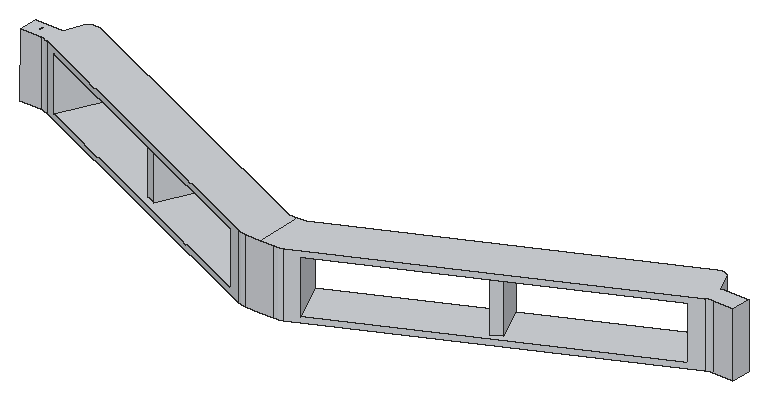
Revit family
Parameters (values of type "TEXT")
  Material ID = "760152785"
  Description = "SYSTIMAX 360 GigaSPEED X10D and GigaSPEED XL Evolve Angled 1U U/UTP Panel Kit"
Reference planes (in)
  plane 1 "Center (Front/Back)": y = 0
  plane 2: z = 0
  plane 3 "Center (Left/Right)": x = 0
  plane 4: x = 0
Forms (in)
  Extrusion 1, solid
    sketch origin (0, 0, 0) x (1, 0, 0) y (0, 0, 1)
      loop
        line (0, 1.72) -> (-9.5, 1.72) -> (-9.5, 0) -> (0, 0) -> (9.5, 0) -> (9.5, 1.72) -> (0, 1.72)
    from 0 to 5
  Extrusion 2, void
    sketch origin (0, 0, 0) x (1, 0, 0) y (0, 1, 0)
      loop
        line (0, -3.75) -> (0.22211, -3.75) -> (8.20539, -0.02733)
        arc (8.20539, -0.02733) -> (8.4054, -0.01671) -> (8.56751, -0.13432) r 0.3
        line (8.56751, -0.13432) -> (8.78, -0.59) -> (10.67789, -0.59) -> (10.67789, 1.58554) -> (-10.07211, 1.58554) -> (-10.07211, -0.59) -> (-8.78, -0.59) -> (-8.56751, -0.13432)
        arc (-8.56751, -0.13432) -> (-8.4054, -0.01671) -> (-8.20539, -0.02733) r 0.3
        line (-8.20539, -0.02733) -> (-0.22211, -3.75) -> (0, -3.75)
      loop
        line (0, -5) -> (-0.37185, -5)
        arc (-0.37185, -5) -> (-0.49223, -4.98735) -> (-0.60735, -4.94994) r 0.57899
        line (-0.60735, -4.94994) -> (-8.77297, -1.14225)
        arc (-8.77297, -1.14225) -> (-8.86654, -1.11064) -> (-8.96473, -1.1) r 0.45422
        line (-8.96473, -1.1) -> (-10.07211, -1.1) -> (-10.07211, -6.6) -> (10.67789, -6.6) -> (10.67789, -1.1) -> (8.96473, -1.1)
        arc (8.96473, -1.1) -> (8.86654, -1.11064) -> (8.77297, -1.14225) r 0.45422
        line (8.77297, -1.14225) -> (0.60735, -4.94994)
        arc (0.60735, -4.94994) -> (0.49223, -4.98735) -> (0.37185, -5) r 0.57899
        line (0.37185, -5) -> (0, -5)
    from 0 to 12
  Extrusion 3, void
    sketch origin (-0.5, -5, 0) x (0.906308, -0.422618, 0) y (0, 0, -1)
      loop
        line (-8.78097, -1.575) -> (-0.48097, -1.575) -> (-0.48097, -0.145) -> (-8.78097, -0.145) -> (-8.78097, -1.575)
    from 0 to 0.2
  Extrusion 4, void
    sketch origin (0.5, -5, 0) x (-0.906308, -0.422618, 0) y (0, 0, 1)
      loop
        line (-8.78097, 1.575) -> (-8.78097, 0.145) -> (-0.48097, 0.145) -> (-0.48097, 1.575) -> (-8.78097, 1.575)
    from 0 to 0.2
  Extrusion 5, void
    sketch origin (0, 0, 0) x (1, 0, 0) y (0, 0, 1)
      loop
        line (-9.23838, 0.095) -> (-9.11238, 0.095)
        arc (-9.11238, 0.095) -> (-8.97238, 0.235) -> (-9.11238, 0.375) r 0.14
        line (-9.11238, 0.375) -> (-9.23838, 0.375)
        arc (-9.23838, 0.375) -> (-9.37838, 0.235) -> (-9.23838, 0.095) r 0.14
      loop
        line (-9.23838, 1.345) -> (-9.11238, 1.345)
        arc (-9.11238, 1.345) -> (-8.97238, 1.485) -> (-9.11238, 1.625) r 0.14
        line (-9.11238, 1.625) -> (-9.23838, 1.625)
        arc (-9.23838, 1.625) -> (-9.37838, 1.485) -> (-9.23838, 1.345) r 0.14
    from -1.65585 to 1.01797
  Extrusion 6, void
    sketch origin (0, 0, 0) x (-1, 0, 0) y (0, 0, -1)
      loop
        arc (-9.23838, -0.095) -> (-9.37838, -0.235) -> (-9.23838, -0.375) r 0.14
        line (-9.23838, -0.375) -> (-9.11238, -0.375)
        arc (-9.11238, -0.375) -> (-8.97238, -0.235) -> (-9.11238, -0.095) r 0.14
        line (-9.11238, -0.095) -> (-9.23838, -0.095)
      loop
        arc (-9.23838, -1.345) -> (-9.37838, -1.485) -> (-9.23838, -1.625) r 0.14
        line (-9.23838, -1.625) -> (-9.11238, -1.625)
        arc (-9.11238, -1.625) -> (-8.97238, -1.485) -> (-9.11238, -1.345) r 0.14
        line (-9.11238, -1.345) -> (-9.23838, -1.345)
    from -1.65585 to 1.01797
  Extrusion 7, void
    sketch origin (-0.41548, -4.81874, 0) x (0.906308, -0.422618, 0) y (0, 0, -1)
      loop
        line (-8.78097, -1.575) -> (-4.78097, -1.575) -> (-4.78097, -0.145) -> (-8.78097, -0.145) -> (-8.78097, -1.575)
      loop
        line (-4.48097, -1.575) -> (-0.48097, -1.575) -> (-0.48097, -0.145) -> (-4.48097, -0.145) -> (-4.48097, -1.575)
    from 0 to 6.28776
  Extrusion 8, void
    sketch origin (0.41548, -4.81874, 0) x (-0.906308, -0.422618, 0) y (0, 0, 1)
      loop
        line (-8.78097, 1.575) -> (-8.78097, 0.145) -> (-4.78097, 0.145) -> (-4.78097, 1.575) -> (-8.78097, 1.575)
      loop
        line (-4.48097, 1.575) -> (-4.48097, 0.145) -> (-0.48097, 0.145) -> (-0.48097, 1.575) -> (-4.48097, 1.575)
    from 0 to 6.28776
Cuts and joins
  Extrusion 2, Extrusion 3, Extrusion 4, Extrusion 5, Extrusion 6, Extrusion 7, Extrusion 8 cuts Extrusion 1
Dimensions and locks (in)
  aligned and locked: level to Extrusion 1 sketch curve
